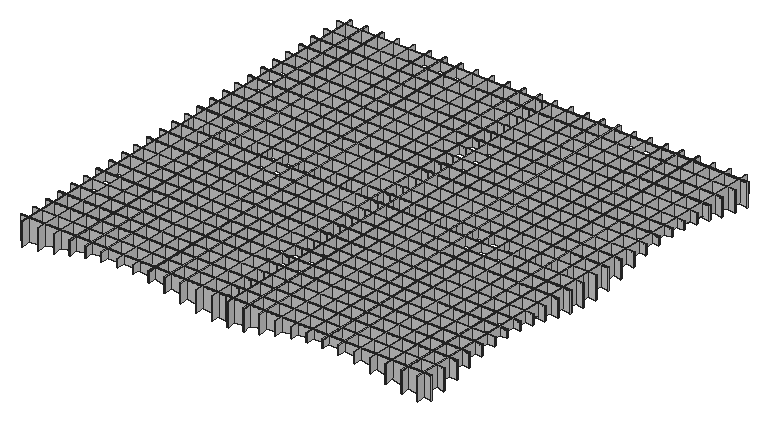
Revit family "CLD-WFL-002_RFA", category Modelos genéricos, Revit 2022 (continued)
Forms (in)
  Extrusion 359, solid
    sketch origin (178.38178, 108, 0) x (0, -1, 0) y (0, 0, 1)
      loop
        spline (95.78122, 6.32579) -> (96.46987, 6.37175) -> (97.15943, 6.41238) -> (97.84985, 6.44778) -> (98.54104, 6.47801) -> (99.23294, 6.50316) -> (99.92548, 6.5233) -> (100.61859, 6.53851) -> (101.3122, 6.54886) -> (102.00624, 6.55445) -> (102.70063, 6.55534) -> (103.39532, 6.55161) -> (104.09022, 6.54334)
        spline (104.09022, 6.54334) -> (104.41609, 6.5372) -> (104.74197, 6.53005) -> (105.06787, 6.52189) -> (105.39376, 6.51274) -> (105.71965, 6.50259) -> (106.04553, 6.49146) -> (106.37138, 6.47935) -> (106.6972, 6.46628) -> (107.02298, 6.45226) -> (107.34871, 6.43729) -> (107.67439, 6.42139) -> (108, 6.40455)
        line (108, 6.40455) -> (108, 11.82144)
    from -0.47244 to 0
  Extrusion 360, solid
    sketch origin (178.85422, 108, 0) x (0, -1, 0) y (0, 0, 1)
      loop
        line (108, 11.82144) -> (0, 11.82144) -> (0, 6.40455)
        spline (0, 6.40455) -> (0.32561, 6.42139) -> (0.65129, 6.43729) -> (0.97702, 6.45226) -> (1.3028, 6.46628) -> (1.62862, 6.47935) -> (1.95447, 6.49146) -> (2.28035, 6.50259) -> (2.60624, 6.51274) -> (2.93213, 6.52189) -> (3.25803, 6.53005) -> (3.58391, 6.5372) -> (3.90978, 6.54334)
        spline (3.90978, 6.54334) -> (4.64427, 6.55011) -> (5.37852, 6.55208) -> (6.11244, 6.54917) -> (6.84598, 6.5413) -> (7.57905, 6.52839) -> (8.31157, 6.51035) -> (9.04349, 6.4871) -> (9.77471, 6.45856) -> (10.50517, 6.42465) -> (11.23479, 6.38528) -> (11.9635, 6.34038) -> (12.69122, 6.28985)
        spline (12.69122, 6.28985) -> (13.34952, 6.23514) -> (14.00673, 6.17505) -> (14.66285, 6.10968) -> (15.31792, 6.03926) -> (15.97202, 5.96405) -> (16.62518, 5.88427) -> (17.27747, 5.80017) -> (17.92894, 5.712) -> (18.57965, 5.62) -> (19.22966, 5.52441) -> (19.87902, 5.42547) -> (20.52778, 5.32343)
        spline (20.52778, 5.32343) -> (21.26115, 5.20293) -> (21.99402, 5.07965) -> (22.72645, 4.95385) -> (23.4585, 4.82583) -> (24.19025, 4.69586) -> (24.92176, 4.56423) -> (25.65308, 4.43121) -> (26.38429, 4.29709) -> (27.11544, 4.16214) -> (27.84661, 4.02665) -> (28.57785, 3.8909) -> (29.30922, 3.75516)
        spline (29.30922, 3.75516) -> (29.95995, 3.63466) -> (30.61094, 3.51485) -> (31.26223, 3.39599) -> (31.91387, 3.2783) -> (32.56591, 3.16206) -> (33.21841, 3.04749) -> (33.87141, 2.93486) -> (34.52497, 2.8244) -> (35.17914, 2.71637) -> (35.83396, 2.61101) -> (36.48949, 2.50857) -> (37.14578, 2.4093)
        spline (37.14578, 2.4093) -> (37.87194, 2.30632) -> (38.59907, 2.20751) -> (39.32723, 2.11315) -> (40.05647, 2.02349) -> (40.78684, 1.93878) -> (41.51831, 1.85902) -> (42.25083, 1.78415) -> (42.98434, 1.71406) -> (43.71879, 1.64869) -> (44.45413, 1.58794) -> (45.19029, 1.53174) -> (45.92722, 1.47999)
        spline (45.92722, 1.47999) -> (46.57816, 1.44092) -> (47.22964, 1.40553) -> (47.88162, 1.37376) -> (48.53404, 1.34552) -> (49.18687, 1.32076) -> (49.84004, 1.2994) -> (50.49352, 1.28136) -> (51.14725, 1.26658) -> (51.80119, 1.25497) -> (52.45529, 1.24648) -> (53.1095, 1.24101) -> (53.76378, 1.23852)
        spline (53.76378, 1.23852) -> (54.49695, 1.24145) -> (55.23005, 1.2477) -> (55.96302, 1.25736) -> (56.69581, 1.2705) -> (57.42836, 1.2872) -> (58.16063, 1.30755) -> (58.89256, 1.33163) -> (59.62409, 1.35951) -> (60.35518, 1.39128) -> (61.08577, 1.42702) -> (61.8158, 1.46681) -> (62.54522, 1.51073)
        spline (62.54522, 1.51073) -> (63.20286, 1.5569) -> (63.85981, 1.60706) -> (64.51602, 1.66127) -> (65.17144, 1.7196) -> (65.82603, 1.78214) -> (66.47973, 1.84896) -> (67.1325, 1.92013) -> (67.78428, 1.99572) -> (68.43505, 2.07573) -> (69.08486, 2.15994) -> (69.73376, 2.24811) -> (70.38178, 2.34001)
        spline (70.38178, 2.34001) -> (71.11719, 2.45082) -> (71.85175, 2.56518) -> (72.58552, 2.6828) -> (73.31856, 2.80343) -> (74.05092, 2.92677) -> (74.78266, 3.05256) -> (75.51384, 3.1805) -> (76.2445, 3.31033) -> (76.97472, 3.44177) -> (77.70454, 3.57454) -> (78.43402, 3.70836) -> (79.16322, 3.84296)
        spline (79.16322, 3.84296) -> (79.81589, 3.96449) -> (80.46845, 4.08604) -> (81.12094, 4.20735) -> (81.77342, 4.32817) -> (82.42595, 4.44826) -> (83.07858, 4.56736) -> (83.73137, 4.68523) -> (84.38439, 4.80161) -> (85.03768, 4.91625) -> (85.6913, 5.02891) -> (86.34531, 5.13933) -> (86.99978, 5.24726)
        spline (86.99978, 5.24726) -> (87.72678, 5.36123) -> (88.45444, 5.47173) -> (89.18283, 5.57848) -> (89.91201, 5.68121) -> (90.64203, 5.77964) -> (91.37298, 5.87351) -> (92.10489, 5.96254) -> (92.83785, 6.04646) -> (93.5719, 6.125) -> (94.30712, 6.19789) -> (95.04356, 6.26486) -> (95.78122, 6.32579)
        spline (95.78122, 6.32579) -> (96.46987, 6.37175) -> (97.15943, 6.41238) -> (97.84985, 6.44778) -> (98.54104, 6.47801) -> (99.23294, 6.50316) -> (99.92548, 6.5233) -> (100.61859, 6.53851) -> (101.3122, 6.54886) -> (102.00624, 6.55445) -> (102.70063, 6.55534) -> (103.39532, 6.55161) -> (104.09022, 6.54334)
        spline (104.09022, 6.54334) -> (104.41609, 6.5372) -> (104.74197, 6.53005) -> (105.06787, 6.52189) -> (105.39376, 6.51274) -> (105.71965, 6.50259) -> (106.04553, 6.49146) -> (106.37138, 6.47935) -> (106.6972, 6.46628) -> (107.02298, 6.45226) -> (107.34871, 6.43729) -> (107.67439, 6.42139) -> (108, 6.40455)
        line (108, 6.40455) -> (108, 11.82144)
    from -0.11811 to 0
  Extrusion 361, solid
    sketch origin (186.57267, 108, 0) x (0, -1, 0) y (0, 0, 1)
      loop
        line (108, 11.82144) -> (0, 11.82144) -> (0, 4.58891)
        spline (0, 4.58891) -> (0.32561, 4.62796) -> (0.65129, 4.66617) -> (0.97702, 4.70353) -> (1.3028, 4.74004) -> (1.62862, 4.77569) -> (1.95447, 4.81048) -> (2.28035, 4.84439) -> (2.60624, 4.87743) -> (2.93213, 4.90957) -> (3.25803, 4.94083) -> (3.58391, 4.97119) -> (3.90978, 5.00064)
        spline (3.90978, 5.00064) -> (4.64427, 5.06081) -> (5.37851, 5.11675) -> (6.11244, 5.16838) -> (6.84597, 5.21566) -> (7.57904, 5.25851) -> (8.31157, 5.29688) -> (9.04348, 5.33072) -> (9.7747, 5.35995) -> (10.50516, 5.38452) -> (11.23478, 5.40437) -> (11.96349, 5.41944) -> (12.69122, 5.42966)
        spline (12.69122, 5.42966) -> (13.34952, 5.43128) -> (14.00673, 5.42829) -> (14.66285, 5.42076) -> (15.31792, 5.40886) -> (15.97202, 5.39278) -> (16.62518, 5.37269) -> (17.27747, 5.34877) -> (17.92894, 5.32119) -> (18.57965, 5.29014) -> (19.22966, 5.2558) -> (19.87902, 5.21833) -> (20.52778, 5.17793)
        spline (20.52778, 5.17793) -> (21.26115, 5.12722) -> (21.99402, 5.0737) -> (22.72645, 5.01759) -> (23.45851, 4.95908) -> (24.19025, 4.89838) -> (24.92176, 4.8357) -> (25.65308, 4.77124) -> (26.38429, 4.70521) -> (27.11544, 4.63782) -> (27.84661, 4.56926) -> (28.57785, 4.49975) -> (29.30922, 4.42949)
        spline (29.30922, 4.42949) -> (29.95995, 4.366) -> (30.61094, 4.30234) -> (31.26223, 4.2387) -> (31.91387, 4.17525) -> (32.56591, 4.11218) -> (33.21841, 4.04966) -> (33.87141, 3.98789) -> (34.52497, 3.92703) -> (35.17914, 3.86728) -> (35.83396, 3.80881) -> (36.48949, 3.75181) -> (37.14578, 3.69645)
        spline (37.14578, 3.69645) -> (37.87194, 3.63892) -> (38.59907, 3.58371) -> (39.32723, 3.53102) -> (40.05647, 3.48105) -> (40.78684, 3.43397) -> (41.51831, 3.38979) -> (42.25083, 3.34845) -> (42.98434, 3.30989) -> (43.7188, 3.27405) -> (44.45413, 3.24086) -> (45.19029, 3.21027) -> (45.92722, 3.18221)
        spline (45.92722, 3.18221) -> (46.57816, 3.16116) -> (47.22964, 3.14217) -> (47.88162, 3.12519) -> (48.53404, 3.11017) -> (49.18687, 3.09705) -> (49.84004, 3.08579) -> (50.49352, 3.07632) -> (51.14725, 3.06859) -> (51.80119, 3.06255) -> (52.45529, 3.05816) -> (53.1095, 3.05535) -> (53.76378, 3.05407)
        spline (53.76378, 3.05407) -> (54.49695, 3.0556) -> (55.23004, 3.05885) -> (55.96301, 3.06387) -> (56.6958, 3.07073) -> (57.42836, 3.07948) -> (58.16062, 3.09019) -> (58.89255, 3.10292) -> (59.62409, 3.11771) -> (60.35517, 3.13464) -> (61.08576, 3.15376) -> (61.81579, 3.17514) -> (62.54522, 3.19882)
        spline (62.54522, 3.19882) -> (63.20286, 3.22386) -> (63.85981, 3.25117) -> (64.51602, 3.28078) -> (65.17144, 3.31277) -> (65.82603, 3.34719) -> (66.47973, 3.38408) -> (67.1325, 3.42351) -> (67.78428, 3.46553) -> (68.43505, 3.51013) -> (69.08486, 3.55715) -> (69.73376, 3.60642) -> (70.38178, 3.65777)
        spline (70.38178, 3.65777) -> (71.1172, 3.71948) -> (71.85176, 3.78304) -> (72.58554, 3.84824) -> (73.31858, 3.91488) -> (74.05094, 3.98275) -> (74.78268, 4.05166) -> (75.51385, 4.12139) -> (76.24452, 4.19176) -> (76.97473, 4.26254) -> (77.70455, 4.33354) -> (78.43403, 4.40456) -> (79.16322, 4.47539)
        spline (79.16322, 4.47539) -> (79.80403, 4.53723) -> (80.44473, 4.59841) -> (81.08536, 4.65876) -> (81.72599, 4.7181) -> (82.36666, 4.77623) -> (83.00743, 4.83299) -> (83.64836, 4.88819) -> (84.28951, 4.94166) -> (84.93093, 4.9932) -> (85.57267, 5.04265) -> (86.21481, 5.08982) -> (86.85738, 5.13453)
        spline (86.85738, 5.13453) -> (87.59614, 5.18092) -> (88.33559, 5.22395) -> (89.07577, 5.26344) -> (89.81676, 5.29917) -> (90.55862, 5.33094) -> (91.30141, 5.35856) -> (92.04519, 5.38181) -> (92.79004, 5.4005) -> (93.53601, 5.41442) -> (94.28316, 5.42338) -> (95.03157, 5.42716) -> (95.78122, 5.4257)
        spline (95.78122, 5.4257) -> (96.43065, 5.41648) -> (97.08095, 5.40294) -> (97.73207, 5.38513) -> (98.38393, 5.36311) -> (99.03648, 5.33693) -> (99.68963, 5.30665) -> (100.34334, 5.27231) -> (100.99753, 5.23398) -> (101.65213, 5.19169) -> (102.30709, 5.14552) -> (102.96233, 5.09551) -> (103.61778, 5.04172)
        spline (103.61778, 5.04172) -> (103.98301, 5.00943) -> (104.34827, 4.97613) -> (104.71354, 4.94182) -> (105.07881, 4.90651) -> (105.44407, 4.8702) -> (105.80932, 4.83291) -> (106.17455, 4.79465) -> (106.53974, 4.75541) -> (106.90489, 4.71521) -> (107.26999, 4.67406) -> (107.63503, 4.63196) -> (108, 4.58891)
        line (108, 4.58891) -> (108, 11.82144)
    from -0.11811 to 0
  Extrusion 362, solid
    sketch origin (186.69078, 108, 0) x (0, -1, 0) y (0, 0, 1)
      loop
        line (108, 11.82144) -> (0, 11.82144) -> (0, 4.58891)
        spline (0, 4.58891) -> (0.32561, 4.62796) -> (0.65129, 4.66617) -> (0.97702, 4.70353) -> (1.3028, 4.74004) -> (1.62862, 4.77569) -> (1.95447, 4.81048) -> (2.28035, 4.84439) -> (2.60624, 4.87743) -> (2.93213, 4.90957) -> (3.25803, 4.94083) -> (3.58391, 4.97119) -> (3.90978, 5.00064)
        spline (3.90978, 5.00064) -> (4.64427, 5.06081) -> (5.37851, 5.11675) -> (6.11244, 5.16838) -> (6.84597, 5.21566) -> (7.57904, 5.25851) -> (8.31157, 5.29688) -> (9.04348, 5.33072) -> (9.7747, 5.35995) -> (10.50516, 5.38452) -> (11.23478, 5.40437) -> (11.96349, 5.41944) -> (12.69122, 5.42966)
        spline (12.69122, 5.42966) -> (13.34952, 5.43128) -> (14.00673, 5.42829) -> (14.66285, 5.42076) -> (15.31792, 5.40886) -> (15.97202, 5.39278) -> (16.62518, 5.37269) -> (17.27747, 5.34877) -> (17.92894, 5.32119) -> (18.57965, 5.29014) -> (19.22966, 5.2558) -> (19.87902, 5.21833) -> (20.52778, 5.17793)
        spline (20.52778, 5.17793) -> (21.26115, 5.12722) -> (21.99402, 5.0737) -> (22.72645, 5.01759) -> (23.45851, 4.95908) -> (24.19025, 4.89838) -> (24.92176, 4.8357) -> (25.65308, 4.77124) -> (26.38429, 4.70521) -> (27.11544, 4.63782) -> (27.84661, 4.56926) -> (28.57785, 4.49975) -> (29.30922, 4.42949)
        spline (29.30922, 4.42949) -> (29.95995, 4.366) -> (30.61094, 4.30234) -> (31.26223, 4.2387) -> (31.91387, 4.17525) -> (32.56591, 4.11218) -> (33.21841, 4.04966) -> (33.87141, 3.98789) -> (34.52497, 3.92703) -> (35.17914, 3.86728) -> (35.83396, 3.80881) -> (36.48949, 3.75181) -> (37.14578, 3.69645)
        spline (37.14578, 3.69645) -> (37.87194, 3.63892) -> (38.59907, 3.58371) -> (39.32723, 3.53102) -> (40.05647, 3.48105) -> (40.78684, 3.43397) -> (41.51831, 3.38979) -> (42.25083, 3.34845) -> (42.98434, 3.30989) -> (43.7188, 3.27405) -> (44.45413, 3.24086) -> (45.19029, 3.21027) -> (45.92722, 3.18221)
        spline (45.92722, 3.18221) -> (46.57816, 3.16116) -> (47.22964, 3.14217) -> (47.88162, 3.12519) -> (48.53404, 3.11017) -> (49.18687, 3.09705) -> (49.84004, 3.08579) -> (50.49352, 3.07632) -> (51.14725, 3.06859) -> (51.80119, 3.06255) -> (52.45529, 3.05816) -> (53.1095, 3.05535) -> (53.76378, 3.05407)
        spline (53.76378, 3.05407) -> (54.49695, 3.0556) -> (55.23004, 3.05885) -> (55.96301, 3.06387) -> (56.6958, 3.07073) -> (57.42836, 3.07948) -> (58.16062, 3.09019) -> (58.89255, 3.10292) -> (59.62409, 3.11771) -> (60.35517, 3.13464) -> (61.08576, 3.15376) -> (61.81579, 3.17514) -> (62.54522, 3.19882)
        spline (62.54522, 3.19882) -> (63.20286, 3.22386) -> (63.85981, 3.25117) -> (64.51602, 3.28078) -> (65.17144, 3.31277) -> (65.82603, 3.34719) -> (66.47973, 3.38408) -> (67.1325, 3.42351) -> (67.78428, 3.46553) -> (68.43505, 3.51013) -> (69.08486, 3.55715) -> (69.73376, 3.60642) -> (70.38178, 3.65777)
        spline (70.38178, 3.65777) -> (71.1172, 3.71948) -> (71.85176, 3.78304) -> (72.58554, 3.84824) -> (73.31858, 3.91488) -> (74.05094, 3.98275) -> (74.78268, 4.05166) -> (75.51385, 4.12139) -> (76.24452, 4.19176) -> (76.97473, 4.26254) -> (77.70455, 4.33354) -> (78.43403, 4.40456) -> (79.16322, 4.47539)
        spline (79.16322, 4.47539) -> (79.80403, 4.53723) -> (80.44473, 4.59841) -> (81.08536, 4.65876) -> (81.72599, 4.7181) -> (82.36666, 4.77623) -> (83.00743, 4.83299) -> (83.64836, 4.88819) -> (84.28951, 4.94166) -> (84.93093, 4.9932) -> (85.57267, 5.04265) -> (86.21481, 5.08982) -> (86.85738, 5.13453)
        spline (86.85738, 5.13453) -> (87.59614, 5.18092) -> (88.33559, 5.22395) -> (89.07577, 5.26344) -> (89.81676, 5.29917) -> (90.55862, 5.33094) -> (91.30141, 5.35856) -> (92.04519, 5.38181) -> (92.79004, 5.4005) -> (93.53601, 5.41442) -> (94.28316, 5.42338) -> (95.03157, 5.42716) -> (95.78122, 5.4257)
        spline (95.78122, 5.4257) -> (96.43065, 5.41648) -> (97.08095, 5.40294) -> (97.73207, 5.38513) -> (98.38393, 5.36311) -> (99.03648, 5.33693) -> (99.68963, 5.30665) -> (100.34334, 5.27231) -> (100.99753, 5.23398) -> (101.65213, 5.19169) -> (102.30709, 5.14552) -> (102.96233, 5.09551) -> (103.61778, 5.04172)
        spline (103.61778, 5.04172) -> (103.98301, 5.00943) -> (104.34827, 4.97613) -> (104.71354, 4.94182) -> (105.07881, 4.90651) -> (105.44407, 4.8702) -> (105.80932, 4.83291) -> (106.17455, 4.79465) -> (106.53974, 4.75541) -> (106.90489, 4.71521) -> (107.26999, 4.67406) -> (107.63503, 4.63196) -> (108, 4.58891)
        line (108, 4.58891) -> (108, 11.82144)
    from -0.47244 to 0
  Extrusion 363, solid
    sketch origin (187.16322, 108, 0) x (0, -1, 0) y (0, 0, 1)
      loop
        line (108, 11.82144) -> (0, 11.82144) -> (0, 4.58891)
        spline (0, 4.58891) -> (0.32561, 4.62796) -> (0.65129, 4.66617) -> (0.97702, 4.70353) -> (1.3028, 4.74004) -> (1.62862, 4.77569) -> (1.95447, 4.81048) -> (2.28035, 4.84439) -> (2.60624, 4.87743) -> (2.93213, 4.90957) -> (3.25803, 4.94083) -> (3.58391, 4.97119) -> (3.90978, 5.00064)
        spline (3.90978, 5.00064) -> (4.64427, 5.06081) -> (5.37851, 5.11675) -> (6.11244, 5.16838) -> (6.84597, 5.21566) -> (7.57904, 5.25851) -> (8.31157, 5.29688) -> (9.04348, 5.33072) -> (9.7747, 5.35995) -> (10.50516, 5.38452) -> (11.23478, 5.40437) -> (11.96349, 5.41944) -> (12.69122, 5.42966)
        spline (12.69122, 5.42966) -> (13.34952, 5.43128) -> (14.00673, 5.42829) -> (14.66285, 5.42076) -> (15.31792, 5.40886) -> (15.97202, 5.39278) -> (16.62518, 5.37269) -> (17.27747, 5.34877) -> (17.92894, 5.32119) -> (18.57965, 5.29014) -> (19.22966, 5.2558) -> (19.87902, 5.21833) -> (20.52778, 5.17793)
        spline (20.52778, 5.17793) -> (21.26115, 5.12722) -> (21.99402, 5.0737) -> (22.72645, 5.01759) -> (23.45851, 4.95908) -> (24.19025, 4.89838) -> (24.92176, 4.8357) -> (25.65308, 4.77124) -> (26.38429, 4.70521) -> (27.11544, 4.63782) -> (27.84661, 4.56926) -> (28.57785, 4.49975) -> (29.30922, 4.42949)
        spline (29.30922, 4.42949) -> (29.95995, 4.366) -> (30.61094, 4.30234) -> (31.26223, 4.2387) -> (31.91387, 4.17525) -> (32.56591, 4.11218) -> (33.21841, 4.04966) -> (33.87141, 3.98789) -> (34.52497, 3.92703) -> (35.17914, 3.86728) -> (35.83396, 3.80881) -> (36.48949, 3.75181) -> (37.14578, 3.69645)
        spline (37.14578, 3.69645) -> (37.87194, 3.63892) -> (38.59907, 3.58371) -> (39.32723, 3.53102) -> (40.05647, 3.48105) -> (40.78684, 3.43397) -> (41.51831, 3.38979) -> (42.25083, 3.34845) -> (42.98434, 3.30989) -> (43.7188, 3.27405) -> (44.45413, 3.24086) -> (45.19029, 3.21027) -> (45.92722, 3.18221)
        spline (45.92722, 3.18221) -> (46.57816, 3.16116) -> (47.22964, 3.14217) -> (47.88162, 3.12519) -> (48.53404, 3.11017) -> (49.18687, 3.09705) -> (49.84004, 3.08579) -> (50.49352, 3.07632) -> (51.14725, 3.06859) -> (51.80119, 3.06255) -> (52.45529, 3.05816) -> (53.1095, 3.05535) -> (53.76378, 3.05407)
        spline (53.76378, 3.05407) -> (54.49695, 3.0556) -> (55.23004, 3.05885) -> (55.96301, 3.06387) -> (56.6958, 3.07073) -> (57.42836, 3.07948) -> (58.16062, 3.09019) -> (58.89255, 3.10292) -> (59.62409, 3.11771) -> (60.35517, 3.13464) -> (61.08576, 3.15376) -> (61.81579, 3.17514) -> (62.54522, 3.19882)
        spline (62.54522, 3.19882) -> (63.20286, 3.22386) -> (63.85981, 3.25117) -> (64.51602, 3.28078) -> (65.17144, 3.31277) -> (65.82603, 3.34719) -> (66.47973, 3.38408) -> (67.1325, 3.42351) -> (67.78428, 3.46553) -> (68.43505, 3.51013) -> (69.08486, 3.55715) -> (69.73376, 3.60642) -> (70.38178, 3.65777)
        spline (70.38178, 3.65777) -> (71.1172, 3.71948) -> (71.85176, 3.78304) -> (72.58554, 3.84824) -> (73.31858, 3.91488) -> (74.05094, 3.98275) -> (74.78268, 4.05166) -> (75.51385, 4.12139) -> (76.24452, 4.19176) -> (76.97473, 4.26254) -> (77.70455, 4.33354) -> (78.43403, 4.40456) -> (79.16322, 4.47539)
        spline (79.16322, 4.47539) -> (79.80403, 4.53723) -> (80.44473, 4.59841) -> (81.08536, 4.65876) -> (81.72599, 4.7181) -> (82.36666, 4.77623) -> (83.00743, 4.83299) -> (83.64836, 4.88819) -> (84.28951, 4.94166) -> (84.93093, 4.9932) -> (85.57267, 5.04265) -> (86.21481, 5.08982) -> (86.85738, 5.13453)
        spline (86.85738, 5.13453) -> (87.59614, 5.18092) -> (88.33559, 5.22395) -> (89.07577, 5.26344) -> (89.81676, 5.29917) -> (90.55862, 5.33094) -> (91.30141, 5.35856) -> (92.04519, 5.38181) -> (92.79004, 5.4005) -> (93.53601, 5.41442) -> (94.28316, 5.42338) -> (95.03157, 5.42716) -> (95.78122, 5.4257)
        spline (95.78122, 5.4257) -> (96.43065, 5.41648) -> (97.08095, 5.40294) -> (97.73207, 5.38513) -> (98.38393, 5.36311) -> (99.03648, 5.33693) -> (99.68963, 5.30665) -> (100.34334, 5.27231) -> (100.99753, 5.23398) -> (101.65213, 5.19169) -> (102.30709, 5.14552) -> (102.96233, 5.09551) -> (103.61778, 5.04172)
        spline (103.61778, 5.04172) -> (103.98301, 5.00943) -> (104.34827, 4.97613) -> (104.71354, 4.94182) -> (105.07881, 4.90651) -> (105.44407, 4.8702) -> (105.80932, 4.83291) -> (106.17455, 4.79465) -> (106.53974, 4.75541) -> (106.90489, 4.71521) -> (107.26999, 4.67406) -> (107.63503, 4.63196) -> (108, 4.58891)
        line (108, 4.58891) -> (108, 11.82144)
    from -0.11811 to 0
  Extrusion 364, solid
    sketch origin (194.88167, 108, 0) x (0, -1, 0) y (0, 0, 1)
      loop
        line (108, 11.82144) -> (0, 11.82144) -> (0, 2.55729)
        spline (0, 2.55729) -> (0.32561, 2.61504) -> (0.65129, 2.67215) -> (0.97702, 2.72862) -> (1.3028, 2.78445) -> (1.62862, 2.83963) -> (1.95447, 2.89415) -> (2.28035, 2.94802) -> (2.60624, 3.00123) -> (2.93213, 3.05379) -> (3.25803, 3.10567) -> (3.58391, 3.15689) -> (3.90978, 3.20744)
        spline (3.90978, 3.20744) -> (4.64427, 3.31686) -> (5.37851, 3.42317) -> (6.11243, 3.52634) -> (6.84596, 3.62635) -> (7.57903, 3.72316) -> (8.31156, 3.81675) -> (9.04347, 3.90709) -> (9.77469, 3.99415) -> (10.50515, 4.07789) -> (11.23478, 4.1583) -> (11.96349, 4.23534) -> (12.69122, 4.30898)
        spline (12.69122, 4.30898) -> (13.34952, 4.37039) -> (14.00673, 4.4286) -> (14.66285, 4.48364) -> (15.31792, 4.53559) -> (15.97202, 4.58455) -> (16.62518, 4.63059) -> (17.27747, 4.67381) -> (17.92894, 4.71429) -> (18.57965, 4.75212) -> (19.22966, 4.78738) -> (19.87902, 4.82016) -> (20.52778, 4.85054)
        spline (20.52778, 4.85054) -> (21.26115, 4.88062) -> (21.99402, 4.90823) -> (22.72646, 4.93347) -> (23.45851, 4.95644) -> (24.19026, 4.97724) -> (24.92176, 4.99598) -> (25.65309, 5.01275) -> (26.38429, 5.02764) -> (27.11545, 5.04077) -> (27.84661, 5.05223) -> (28.57785, 5.06211) -> (29.30922, 5.07053)
        spline (29.30922, 5.07053) -> (29.95995, 5.07584) -> (30.61094, 5.08009) -> (31.26223, 5.08336) -> (31.91387, 5.08574) -> (32.56591, 5.08733) -> (33.21841, 5.0882) -> (33.87141, 5.08846) -> (34.52497, 5.08817) -> (35.17914, 5.08744) -> (35.83396, 5.08636) -> (36.48949, 5.085) -> (37.14578, 5.08346)
        spline (37.14578, 5.08346) -> (37.87194, 5.08165) -> (38.59907, 5.0799) -> (39.32723, 5.0783) -> (40.05647, 5.07696) -> (40.78684, 5.07594) -> (41.51831, 5.07527) -> (42.25083, 5.07491) -> (42.98434, 5.07483) -> (43.7188, 5.075) -> (44.45413, 5.07538) -> (45.19029, 5.07596) -> (45.92722, 5.0767)
        spline (45.92722, 5.0767) -> (46.57816, 5.07753) -> (47.22964, 5.07843) -> (47.88162, 5.07937) -> (48.53404, 5.08033) -> (49.18687, 5.08128) -> (49.84004, 5.0822) -> (50.49352, 5.08306) -> (51.14725, 5.08383) -> (51.80119, 5.0845) -> (52.45529, 5.08503) -> (53.1095, 5.0854) -> (53.76378, 5.08558)
        spline (53.76378, 5.08558) -> (54.49695, 5.08542) -> (55.23004, 5.08505) -> (55.96301, 5.0845) -> (56.6958, 5.0838) -> (57.42835, 5.08298) -> (58.16062, 5.08206) -> (58.89255, 5.08107) -> (59.62408, 5.08005) -> (60.35517, 5.07902) -> (61.08576, 5.07801) -> (61.81579, 5.07705) -> (62.54522, 5.07616)
        spline (62.54522, 5.07616) -> (63.20286, 5.07551) -> (63.85981, 5.075) -> (64.51602, 5.07466) -> (65.17144, 5.07452) -> (65.82603, 5.0746) -> (66.47973, 5.07493) -> (67.1325, 5.07554) -> (67.78428, 5.07645) -> (68.43505, 5.07766) -> (69.08486, 5.07909) -> (69.73376, 5.08066) -> (70.38178, 5.08229)
        spline (70.38178, 5.08229) -> (71.1172, 5.08386) -> (71.85177, 5.08523) -> (72.58555, 5.08629) -> (73.31859, 5.08695) -> (74.05095, 5.08712) -> (74.78269, 5.08668) -> (75.51386, 5.08555) -> (76.24453, 5.08362) -> (76.97474, 5.08079) -> (77.70455, 5.07697) -> (78.43403, 5.07206) -> (79.16322, 5.06596)
        spline (79.16322, 5.06596) -> (79.81589, 5.05858) -> (80.46845, 5.04989) -> (81.12094, 5.0398) -> (81.77342, 5.02821) -> (82.42595, 5.01505) -> (83.07858, 5.00022) -> (83.73137, 4.98363) -> (84.38439, 4.9652) -> (85.03768, 4.94483) -> (85.6913, 4.92244) -> (86.34531, 4.89793) -> (86.99978, 4.87123)
        spline (86.99978, 4.87123) -> (87.72677, 4.83707) -> (88.45442, 4.80022) -> (89.18281, 4.7606) -> (89.91198, 4.7181) -> (90.642, 4.67263) -> (91.37294, 4.62408) -> (92.10486, 4.57237) -> (92.83781, 4.5174) -> (93.57187, 4.45907) -> (94.3071, 4.39728) -> (95.04355, 4.33194) -> (95.78122, 4.26301)
        spline (95.78122, 4.26301) -> (96.43065, 4.19725) -> (97.08095, 4.12847) -> (97.73207, 4.05667) -> (98.38393, 3.9819) -> (99.03648, 3.90417) -> (99.68963, 3.82352) -> (100.34334, 3.73996) -> (100.99753, 3.65352) -> (101.65213, 3.56424) -> (102.30709, 3.47213) -> (102.96233, 3.37722) -> (103.61778, 3.27954)
        spline (103.61778, 3.27954) -> (103.98302, 3.22342) -> (104.34828, 3.16655) -> (104.71355, 3.10893) -> (105.07882, 3.05057) -> (105.44409, 2.99146) -> (105.80934, 2.93162) -> (106.17456, 2.87105) -> (106.53976, 2.80974) -> (106.9049, 2.74771) -> (107.27, 2.68496) -> (107.63504, 2.62148) -> (108, 2.55729)
        line (108, 2.55729) -> (108, 11.82144)
    from -0.11811 to 0
  Extrusion 365, solid
    sketch origin (194.99978, 108, 0) x (0, -1, 0) y (0, 0, 1)
      loop
        line (108, 11.82144) -> (0, 11.82144) -> (0, 2.55729)
        spline (0, 2.55729) -> (0.32561, 2.61504) -> (0.65129, 2.67215) -> (0.97702, 2.72862) -> (1.3028, 2.78445) -> (1.62862, 2.83963) -> (1.95447, 2.89415) -> (2.28035, 2.94802) -> (2.60624, 3.00123) -> (2.93213, 3.05379) -> (3.25803, 3.10567) -> (3.58391, 3.15689) -> (3.90978, 3.20744)
        spline (3.90978, 3.20744) -> (4.64427, 3.31686) -> (5.37851, 3.42317) -> (6.11243, 3.52634) -> (6.84596, 3.62635) -> (7.57903, 3.72316) -> (8.31156, 3.81675) -> (9.04347, 3.90709) -> (9.77469, 3.99415) -> (10.50515, 4.07789) -> (11.23478, 4.1583) -> (11.96349, 4.23534) -> (12.69122, 4.30898)
        spline (12.69122, 4.30898) -> (13.34952, 4.37039) -> (14.00673, 4.4286) -> (14.66285, 4.48364) -> (15.31792, 4.53559) -> (15.97202, 4.58455) -> (16.62518, 4.63059) -> (17.27747, 4.67381) -> (17.92894, 4.71429) -> (18.57965, 4.75212) -> (19.22966, 4.78738) -> (19.87902, 4.82016) -> (20.52778, 4.85054)
        spline (20.52778, 4.85054) -> (21.26115, 4.88062) -> (21.99402, 4.90823) -> (22.72646, 4.93347) -> (23.45851, 4.95644) -> (24.19026, 4.97724) -> (24.92176, 4.99598) -> (25.65309, 5.01275) -> (26.38429, 5.02764) -> (27.11545, 5.04077) -> (27.84661, 5.05223) -> (28.57785, 5.06211) -> (29.30922, 5.07053)
        spline (29.30922, 5.07053) -> (29.95995, 5.07584) -> (30.61094, 5.08009) -> (31.26223, 5.08336) -> (31.91387, 5.08574) -> (32.56591, 5.08733) -> (33.21841, 5.0882) -> (33.87141, 5.08846) -> (34.52497, 5.08817) -> (35.17914, 5.08744) -> (35.83396, 5.08636) -> (36.48949, 5.085) -> (37.14578, 5.08346)
        spline (37.14578, 5.08346) -> (37.87194, 5.08165) -> (38.59907, 5.0799) -> (39.32723, 5.0783) -> (40.05647, 5.07696) -> (40.78684, 5.07594) -> (41.51831, 5.07527) -> (42.25083, 5.07491) -> (42.98434, 5.07483) -> (43.7188, 5.075) -> (44.45413, 5.07538) -> (45.19029, 5.07596) -> (45.92722, 5.0767)
        spline (45.92722, 5.0767) -> (46.57816, 5.07753) -> (47.22964, 5.07843) -> (47.88162, 5.07937) -> (48.53404, 5.08033) -> (49.18687, 5.08128) -> (49.84004, 5.0822) -> (50.49352, 5.08306) -> (51.14725, 5.08383) -> (51.80119, 5.0845) -> (52.45529, 5.08503) -> (53.1095, 5.0854) -> (53.76378, 5.08558)
        spline (53.76378, 5.08558) -> (54.49695, 5.08542) -> (55.23004, 5.08505) -> (55.96301, 5.0845) -> (56.6958, 5.0838) -> (57.42835, 5.08298) -> (58.16062, 5.08206) -> (58.89255, 5.08107) -> (59.62408, 5.08005) -> (60.35517, 5.07902) -> (61.08576, 5.07801) -> (61.81579, 5.07705) -> (62.54522, 5.07616)
        spline (62.54522, 5.07616) -> (63.20286, 5.07551) -> (63.85981, 5.075) -> (64.51602, 5.07466) -> (65.17144, 5.07452) -> (65.82603, 5.0746) -> (66.47973, 5.07493) -> (67.1325, 5.07554) -> (67.78428, 5.07645) -> (68.43505, 5.07766) -> (69.08486, 5.07909) -> (69.73376, 5.08066) -> (70.38178, 5.08229)
        spline (70.38178, 5.08229) -> (71.1172, 5.08386) -> (71.85177, 5.08523) -> (72.58555, 5.08629) -> (73.31859, 5.08695) -> (74.05095, 5.08712) -> (74.78269, 5.08668) -> (75.51386, 5.08555) -> (76.24453, 5.08362) -> (76.97474, 5.08079) -> (77.70455, 5.07697) -> (78.43403, 5.07206) -> (79.16322, 5.06596)
        spline (79.16322, 5.06596) -> (79.81589, 5.05858) -> (80.46845, 5.04989) -> (81.12094, 5.0398) -> (81.77342, 5.02821) -> (82.42595, 5.01505) -> (83.07858, 5.00022) -> (83.73137, 4.98363) -> (84.38439, 4.9652) -> (85.03768, 4.94483) -> (85.6913, 4.92244) -> (86.34531, 4.89793) -> (86.99978, 4.87123)
        spline (86.99978, 4.87123) -> (87.72677, 4.83707) -> (88.45442, 4.80022) -> (89.18281, 4.7606) -> (89.91198, 4.7181) -> (90.642, 4.67263) -> (91.37294, 4.62408) -> (92.10486, 4.57237) -> (92.83781, 4.5174) -> (93.57187, 4.45907) -> (94.3071, 4.39728) -> (95.04355, 4.33194) -> (95.78122, 4.26301)
        spline (95.78122, 4.26301) -> (96.43065, 4.19725) -> (97.08095, 4.12847) -> (97.73207, 4.05667) -> (98.38393, 3.9819) -> (99.03648, 3.90417) -> (99.68963, 3.82352) -> (100.34334, 3.73996) -> (100.99753, 3.65352) -> (101.65213, 3.56424) -> (102.30709, 3.47213) -> (102.96233, 3.37722) -> (103.61778, 3.27954)
        spline (103.61778, 3.27954) -> (103.98302, 3.22342) -> (104.34828, 3.16655) -> (104.71355, 3.10893) -> (105.07882, 3.05057) -> (105.44409, 2.99146) -> (105.80934, 2.93162) -> (106.17456, 2.87105) -> (106.53976, 2.80974) -> (106.9049, 2.74771) -> (107.27, 2.68496) -> (107.63504, 2.62148) -> (108, 2.55729)
        line (108, 2.55729) -> (108, 11.82144)
    from -0.47244 to 0
  Extrusion 366, solid
    sketch origin (195.47222, 108, 0) x (0, -1, 0) y (0, 0, 1)
      loop
        line (108, 11.82144) -> (0, 11.82144) -> (0, 2.55729)
        spline (0, 2.55729) -> (0.32561, 2.61504) -> (0.65129, 2.67215) -> (0.97702, 2.72862) -> (1.3028, 2.78445) -> (1.62862, 2.83963) -> (1.95447, 2.89415) -> (2.28035, 2.94802) -> (2.60624, 3.00123) -> (2.93213, 3.05379) -> (3.25803, 3.10567) -> (3.58391, 3.15689) -> (3.90978, 3.20744)
        spline (3.90978, 3.20744) -> (4.64427, 3.31686) -> (5.37851, 3.42317) -> (6.11243, 3.52634) -> (6.84596, 3.62635) -> (7.57903, 3.72316) -> (8.31156, 3.81675) -> (9.04347, 3.90709) -> (9.77469, 3.99415) -> (10.50515, 4.07789) -> (11.23478, 4.1583) -> (11.96349, 4.23534) -> (12.69122, 4.30898)
        spline (12.69122, 4.30898) -> (13.34952, 4.37039) -> (14.00673, 4.4286) -> (14.66285, 4.48364) -> (15.31792, 4.53559) -> (15.97202, 4.58455) -> (16.62518, 4.63059) -> (17.27747, 4.67381) -> (17.92894, 4.71429) -> (18.57965, 4.75212) -> (19.22966, 4.78738) -> (19.87902, 4.82016) -> (20.52778, 4.85054)
        spline (20.52778, 4.85054) -> (21.26115, 4.88062) -> (21.99402, 4.90823) -> (22.72646, 4.93347) -> (23.45851, 4.95644) -> (24.19026, 4.97724) -> (24.92176, 4.99598) -> (25.65309, 5.01275) -> (26.38429, 5.02764) -> (27.11545, 5.04077) -> (27.84661, 5.05223) -> (28.57785, 5.06211) -> (29.30922, 5.07053)
        spline (29.30922, 5.07053) -> (29.95995, 5.07584) -> (30.61094, 5.08009) -> (31.26223, 5.08336) -> (31.91387, 5.08574) -> (32.56591, 5.08733) -> (33.21841, 5.0882) -> (33.87141, 5.08846) -> (34.52497, 5.08817) -> (35.17914, 5.08744) -> (35.83396, 5.08636) -> (36.48949, 5.085) -> (37.14578, 5.08346)
        spline (37.14578, 5.08346) -> (37.87194, 5.08165) -> (38.59907, 5.0799) -> (39.32723, 5.0783) -> (40.05647, 5.07696) -> (40.78684, 5.07594) -> (41.51831, 5.07527) -> (42.25083, 5.07491) -> (42.98434, 5.07483) -> (43.7188, 5.075) -> (44.45413, 5.07538) -> (45.19029, 5.07596) -> (45.92722, 5.0767)
        spline (45.92722, 5.0767) -> (46.57816, 5.07753) -> (47.22964, 5.07843) -> (47.88162, 5.07937) -> (48.53404, 5.08033) -> (49.18687, 5.08128) -> (49.84004, 5.0822) -> (50.49352, 5.08306) -> (51.14725, 5.08383) -> (51.80119, 5.0845) -> (52.45529, 5.08503) -> (53.1095, 5.0854) -> (53.76378, 5.08558)
        spline (53.76378, 5.08558) -> (54.49695, 5.08542) -> (55.23004, 5.08505) -> (55.96301, 5.0845) -> (56.6958, 5.0838) -> (57.42835, 5.08298) -> (58.16062, 5.08206) -> (58.89255, 5.08107) -> (59.62408, 5.08005) -> (60.35517, 5.07902) -> (61.08576, 5.07801) -> (61.81579, 5.07705) -> (62.54522, 5.07616)
        spline (62.54522, 5.07616) -> (63.20286, 5.07551) -> (63.85981, 5.075) -> (64.51602, 5.07466) -> (65.17144, 5.07452) -> (65.82603, 5.0746) -> (66.47973, 5.07493) -> (67.1325, 5.07554) -> (67.78428, 5.07645) -> (68.43505, 5.07766) -> (69.08486, 5.07909) -> (69.73376, 5.08066) -> (70.38178, 5.08229)
        spline (70.38178, 5.08229) -> (71.1172, 5.08386) -> (71.85177, 5.08523) -> (72.58555, 5.08629) -> (73.31859, 5.08695) -> (74.05095, 5.08712) -> (74.78269, 5.08668) -> (75.51386, 5.08555) -> (76.24453, 5.08362) -> (76.97474, 5.08079) -> (77.70455, 5.07697) -> (78.43403, 5.07206) -> (79.16322, 5.06596)
        spline (79.16322, 5.06596) -> (79.81589, 5.05858) -> (80.46845, 5.04989) -> (81.12094, 5.0398) -> (81.77342, 5.02821) -> (82.42595, 5.01505) -> (83.07858, 5.00022) -> (83.73137, 4.98363) -> (84.38439, 4.9652) -> (85.03768, 4.94483) -> (85.6913, 4.92244) -> (86.34531, 4.89793) -> (86.99978, 4.87123)
        spline (86.99978, 4.87123) -> (87.72677, 4.83707) -> (88.45442, 4.80022) -> (89.18281, 4.7606) -> (89.91198, 4.7181) -> (90.642, 4.67263) -> (91.37294, 4.62408) -> (92.10486, 4.57237) -> (92.83781, 4.5174) -> (93.57187, 4.45907) -> (94.3071, 4.39728) -> (95.04355, 4.33194) -> (95.78122, 4.26301)
        spline (95.78122, 4.26301) -> (96.43065, 4.19725) -> (97.08095, 4.12847) -> (97.73207, 4.05667) -> (98.38393, 3.9819) -> (99.03648, 3.90417) -> (99.68963, 3.82352) -> (100.34334, 3.73996) -> (100.99753, 3.65352) -> (101.65213, 3.56424) -> (102.30709, 3.47213) -> (102.96233, 3.37722) -> (103.61778, 3.27954)
        spline (103.61778, 3.27954) -> (103.98302, 3.22342) -> (104.34828, 3.16655) -> (104.71355, 3.10893) -> (105.07882, 3.05057) -> (105.44409, 2.99146) -> (105.80934, 2.93162) -> (106.17456, 2.87105) -> (106.53976, 2.80974) -> (106.9049, 2.74771) -> (107.27, 2.68496) -> (107.63504, 2.62148) -> (108, 2.55729)
        line (108, 2.55729) -> (108, 11.82144)
    from -0.11811 to 0
  Extrusion 367, solid
    sketch origin (203.19067, 108, 0) x (0, -1, 0) y (0, 0, 1)
      loop
        line (108, 11.82144) -> (0, 11.82144) -> (0, 0.88375)
        spline (0, 0.88375) -> (0.32561, 0.94348) -> (0.65129, 1.00296) -> (0.97702, 1.06219) -> (1.3028, 1.12116) -> (1.62862, 1.1799) -> (1.95447, 1.23838) -> (2.28035, 1.29662) -> (2.60624, 1.35462) -> (2.93213, 1.41237) -> (3.25803, 1.46988) -> (3.58391, 1.52715) -> (3.90978, 1.58418)
        spline (3.90978, 1.58418) -> (4.64426, 1.71122) -> (5.37851, 1.8372) -> (6.11243, 1.96212) -> (6.84596, 2.086) -> (7.57903, 2.20885) -> (8.31155, 2.33067) -> (9.04347, 2.45149) -> (9.77469, 2.57131) -> (10.50515, 2.69014) -> (11.23478, 2.80798) -> (11.96349, 2.92486) -> (12.69122, 3.04079)
        spline (12.69122, 3.04079) -> (13.34952, 3.14441) -> (14.00673, 3.24717) -> (14.66285, 3.34906) -> (15.31792, 3.45005) -> (15.97202, 3.55011) -> (16.62518, 3.64921) -> (17.27747, 3.74732) -> (17.92894, 3.8444) -> (18.57965, 3.94043) -> (19.22966, 4.03537) -> (19.87902, 4.12919) -> (20.52778, 4.22187)
        spline (20.52778, 4.22187) -> (21.26116, 4.32437) -> (21.99403, 4.42546) -> (22.72646, 4.52511) -> (23.45852, 4.62328) -> (24.19027, 4.71993) -> (24.92177, 4.81503) -> (25.6531, 4.90854) -> (26.3843, 5.00042) -> (27.11545, 5.09065) -> (27.84662, 5.17918) -> (28.57786, 5.26598) -> (29.30922, 5.35101)
        spline (29.30922, 5.35101) -> (29.95995, 5.42391) -> (30.61094, 5.49516) -> (31.26223, 5.56472) -> (31.91387, 5.63257) -> (32.56591, 5.69867) -> (33.21841, 5.763) -> (33.87141, 5.82551) -> (34.52497, 5.88618) -> (35.17914, 5.94498) -> (35.83396, 6.00187) -> (36.48949, 6.05683) -> (37.14578, 6.10982)
        spline (37.14578, 6.10982) -> (37.87194, 6.16453) -> (38.59907, 6.21702) -> (39.32723, 6.26723) -> (40.05647, 6.31514) -> (40.78684, 6.36072) -> (41.51831, 6.40397) -> (42.25083, 6.44489) -> (42.98434, 6.4835) -> (43.71879, 6.51981) -> (44.45413, 6.55383) -> (45.19029, 6.58557) -> (45.92722, 6.61503)
        spline (45.92722, 6.61503) -> (46.57816, 6.6376) -> (47.22964, 6.65822) -> (47.88162, 6.67689) -> (48.53404, 6.69363) -> (49.18687, 6.70845) -> (49.84004, 6.72134) -> (50.49352, 6.73234) -> (51.14725, 6.74143) -> (51.80119, 6.74863) -> (52.45529, 6.75396) -> (53.1095, 6.75742) -> (53.76378, 6.75901)
        spline (53.76378, 6.75901) -> (54.49695, 6.7572) -> (55.23004, 6.75331) -> (55.96301, 6.74732) -> (56.6958, 6.73922) -> (57.42835, 6.72901) -> (58.16062, 6.71667) -> (58.89255, 6.7022) -> (59.62408, 6.68557) -> (60.35517, 6.66679) -> (61.08576, 6.64585) -> (61.81579, 6.62272) -> (62.54522, 6.59741)
        spline (62.54522, 6.59741) -> (63.20286, 6.57112) -> (63.85981, 6.54281) -> (64.51602, 6.51247) -> (65.17144, 6.48008) -> (65.82603, 6.44563) -> (66.47973, 6.40912) -> (67.1325, 6.37054) -> (67.78428, 6.32988) -> (68.43505, 6.28713) -> (69.08486, 6.24233) -> (69.73376, 6.19551) -> (70.38178, 6.14669)
        spline (70.38178, 6.14669) -> (71.1172, 6.08737) -> (71.85177, 6.02584) -> (72.58554, 5.96214) -> (73.31858, 5.89631) -> (74.05094, 5.82838) -> (74.78268, 5.75838) -> (75.51386, 5.68636) -> (76.24452, 5.61234) -> (76.97473, 5.53637) -> (77.70455, 5.45847) -> (78.43403, 5.37869) -> (79.16322, 5.29705)
        spline (79.16322, 5.29705) -> (79.81589, 5.22111) -> (80.46845, 5.14359) -> (81.12094, 5.06452) -> (81.77342, 4.98394) -> (82.42595, 4.90188) -> (83.07858, 4.81837) -> (83.73137, 4.73344) -> (84.38439, 4.64713) -> (85.03768, 4.55947) -> (85.6913, 4.47048) -> (86.34531, 4.3802) -> (86.99978, 4.28866)
        spline (86.99978, 4.28866) -> (87.72677, 4.18488) -> (88.45442, 4.07981) -> (89.1828, 3.97349) -> (89.91197, 3.86595) -> (90.64199, 3.75723) -> (91.37293, 3.64737) -> (92.10485, 3.53639) -> (92.8378, 3.42433) -> (93.57186, 3.31123) -> (94.30709, 3.19712) -> (95.04354, 3.08203) -> (95.78122, 2.96599)
        spline (95.78122, 2.96599) -> (96.4698, 2.85601) -> (97.15931, 2.74512) -> (97.84968, 2.63332) -> (98.54085, 2.52058) -> (99.23273, 2.40692) -> (99.92527, 2.2923) -> (100.61838, 2.17673) -> (101.31201, 2.06019) -> (102.00608, 1.94268) -> (102.70052, 1.82418) -> (103.39525, 1.70469) -> (104.09022, 1.58418)
        spline (104.09022, 1.58418) -> (104.41609, 1.52715) -> (104.74197, 1.46988) -> (105.06787, 1.41237) -> (105.39376, 1.35462) -> (105.71965, 1.29662) -> (106.04553, 1.23838) -> (106.37138, 1.1799) -> (106.6972, 1.12116) -> (107.02298, 1.06219) -> (107.34871, 1.00296) -> (107.67439, 0.94348) -> (108, 0.88375)
        line (108, 0.88375) -> (108, 11.82144)
    from -0.11811 to 0
  Extrusion 368, solid
    sketch origin (203.66311, 108, 0) x (0, -1, 0) y (0, 0, 1)
      loop
        line (108, 11.82144) -> (0, 11.82144) -> (0, 0.88375)
        spline (0, 0.88375) -> (0.32561, 0.94348) -> (0.65129, 1.00296) -> (0.97702, 1.06219) -> (1.3028, 1.12116) -> (1.62862, 1.1799) -> (1.95447, 1.23838) -> (2.28035, 1.29662) -> (2.60624, 1.35462) -> (2.93213, 1.41237) -> (3.25803, 1.46988) -> (3.58391, 1.52715) -> (3.90978, 1.58418)
        spline (3.90978, 1.58418) -> (4.64426, 1.71122) -> (5.37851, 1.8372) -> (6.11243, 1.96212) -> (6.84596, 2.086) -> (7.57903, 2.20885) -> (8.31155, 2.33067) -> (9.04347, 2.45149) -> (9.77469, 2.57131) -> (10.50515, 2.69014) -> (11.23478, 2.80798) -> (11.96349, 2.92486) -> (12.69122, 3.04079)
        spline (12.69122, 3.04079) -> (13.34952, 3.14441) -> (14.00673, 3.24717) -> (14.66285, 3.34906) -> (15.31792, 3.45005) -> (15.97202, 3.55011) -> (16.62518, 3.64921) -> (17.27747, 3.74732) -> (17.92894, 3.8444) -> (18.57965, 3.94043) -> (19.22966, 4.03537) -> (19.87902, 4.12919) -> (20.52778, 4.22187)
        spline (20.52778, 4.22187) -> (21.26116, 4.32437) -> (21.99403, 4.42546) -> (22.72646, 4.52511) -> (23.45852, 4.62328) -> (24.19027, 4.71993) -> (24.92177, 4.81503) -> (25.6531, 4.90854) -> (26.3843, 5.00042) -> (27.11545, 5.09065) -> (27.84662, 5.17918) -> (28.57786, 5.26598) -> (29.30922, 5.35101)
        spline (29.30922, 5.35101) -> (29.95995, 5.42391) -> (30.61094, 5.49516) -> (31.26223, 5.56472) -> (31.91387, 5.63257) -> (32.56591, 5.69867) -> (33.21841, 5.763) -> (33.87141, 5.82551) -> (34.52497, 5.88618) -> (35.17914, 5.94498) -> (35.83396, 6.00187) -> (36.48949, 6.05683) -> (37.14578, 6.10982)
        spline (37.14578, 6.10982) -> (37.87194, 6.16453) -> (38.59907, 6.21702) -> (39.32723, 6.26723) -> (40.05647, 6.31514) -> (40.78684, 6.36072) -> (41.51831, 6.40397) -> (42.25083, 6.44489) -> (42.98434, 6.4835) -> (43.71879, 6.51981) -> (44.45413, 6.55383) -> (45.19029, 6.58557) -> (45.92722, 6.61503)
        spline (45.92722, 6.61503) -> (46.57816, 6.6376) -> (47.22964, 6.65822) -> (47.88162, 6.67689) -> (48.53404, 6.69363) -> (49.18687, 6.70845) -> (49.84004, 6.72134) -> (50.49352, 6.73234) -> (51.14725, 6.74143) -> (51.80119, 6.74863) -> (52.45529, 6.75396) -> (53.1095, 6.75742) -> (53.76378, 6.75901)
        spline (53.76378, 6.75901) -> (54.49695, 6.7572) -> (55.23004, 6.75331) -> (55.96301, 6.74732) -> (56.6958, 6.73922) -> (57.42835, 6.72901) -> (58.16062, 6.71667) -> (58.89255, 6.7022) -> (59.62408, 6.68557) -> (60.35517, 6.66679) -> (61.08576, 6.64585) -> (61.81579, 6.62272) -> (62.54522, 6.59741)
        spline (62.54522, 6.59741) -> (63.20286, 6.57112) -> (63.85981, 6.54281) -> (64.51602, 6.51247) -> (65.17144, 6.48008) -> (65.82603, 6.44563) -> (66.47973, 6.40912) -> (67.1325, 6.37054) -> (67.78428, 6.32988) -> (68.43505, 6.28713) -> (69.08486, 6.24233) -> (69.73376, 6.19551) -> (70.38178, 6.14669)
        spline (70.38178, 6.14669) -> (71.1172, 6.08737) -> (71.85177, 6.02584) -> (72.58554, 5.96214) -> (73.31858, 5.89631) -> (74.05094, 5.82838) -> (74.78268, 5.75838) -> (75.51386, 5.68636) -> (76.24452, 5.61234) -> (76.97473, 5.53637) -> (77.70455, 5.45847) -> (78.43403, 5.37869) -> (79.16322, 5.29705)
        spline (79.16322, 5.29705) -> (79.81589, 5.22111) -> (80.46845, 5.14359) -> (81.12094, 5.06452) -> (81.77342, 4.98394) -> (82.42595, 4.90188) -> (83.07858, 4.81837) -> (83.73137, 4.73344) -> (84.38439, 4.64713) -> (85.03768, 4.55947) -> (85.6913, 4.47048) -> (86.34531, 4.3802) -> (86.99978, 4.28866)
        spline (86.99978, 4.28866) -> (87.72677, 4.18488) -> (88.45442, 4.07981) -> (89.1828, 3.97349) -> (89.91197, 3.86595) -> (90.64199, 3.75723) -> (91.37293, 3.64737) -> (92.10485, 3.53639) -> (92.8378, 3.42433) -> (93.57186, 3.31123) -> (94.30709, 3.19712) -> (95.04354, 3.08203) -> (95.78122, 2.96599)
        spline (95.78122, 2.96599) -> (96.4698, 2.85601) -> (97.15931, 2.74512) -> (97.84968, 2.63332) -> (98.54085, 2.52058) -> (99.23273, 2.40692) -> (99.92527, 2.2923) -> (100.61838, 2.17673) -> (101.31201, 2.06019) -> (102.00608, 1.94268) -> (102.70052, 1.82418) -> (103.39525, 1.70469) -> (104.09022, 1.58418)
        spline (104.09022, 1.58418) -> (104.41609, 1.52715) -> (104.74197, 1.46988) -> (105.06787, 1.41237) -> (105.39376, 1.35462) -> (105.71965, 1.29662) -> (106.04553, 1.23838) -> (106.37138, 1.1799) -> (106.6972, 1.12116) -> (107.02298, 1.06219) -> (107.34871, 1.00296) -> (107.67439, 0.94348) -> (108, 0.88375)
        line (108, 0.88375) -> (108, 11.82144)
    from -0.11811 to 0.35433
  Extrusion 369, solid
    sketch origin (203.78122, 108, 0) x (0, -1, 0) y (0, 0, 1)
      loop
        line (108, 11.82144) -> (0, 11.82144) -> (0, 0.88375)
        spline (0, 0.88375) -> (0.32561, 0.94348) -> (0.65129, 1.00296) -> (0.97702, 1.06219) -> (1.3028, 1.12116) -> (1.62862, 1.1799) -> (1.95447, 1.23838) -> (2.28035, 1.29662) -> (2.60624, 1.35462) -> (2.93213, 1.41237) -> (3.25803, 1.46988) -> (3.58391, 1.52715) -> (3.90978, 1.58418)
        spline (3.90978, 1.58418) -> (4.64426, 1.71122) -> (5.37851, 1.8372) -> (6.11243, 1.96212) -> (6.84596, 2.086) -> (7.57903, 2.20885) -> (8.31155, 2.33067) -> (9.04347, 2.45149) -> (9.77469, 2.57131) -> (10.50515, 2.69014) -> (11.23478, 2.80798) -> (11.96349, 2.92486) -> (12.69122, 3.04079)
        spline (12.69122, 3.04079) -> (13.34952, 3.14441) -> (14.00673, 3.24717) -> (14.66285, 3.34906) -> (15.31792, 3.45005) -> (15.97202, 3.55011) -> (16.62518, 3.64921) -> (17.27747, 3.74732) -> (17.92894, 3.8444) -> (18.57965, 3.94043) -> (19.22966, 4.03537) -> (19.87902, 4.12919) -> (20.52778, 4.22187)
        spline (20.52778, 4.22187) -> (21.26116, 4.32437) -> (21.99403, 4.42546) -> (22.72646, 4.52511) -> (23.45852, 4.62328) -> (24.19027, 4.71993) -> (24.92177, 4.81503) -> (25.6531, 4.90854) -> (26.3843, 5.00042) -> (27.11545, 5.09065) -> (27.84662, 5.17918) -> (28.57786, 5.26598) -> (29.30922, 5.35101)
        spline (29.30922, 5.35101) -> (29.95995, 5.42391) -> (30.61094, 5.49516) -> (31.26223, 5.56472) -> (31.91387, 5.63257) -> (32.56591, 5.69867) -> (33.21841, 5.763) -> (33.87141, 5.82551) -> (34.52497, 5.88618) -> (35.17914, 5.94498) -> (35.83396, 6.00187) -> (36.48949, 6.05683) -> (37.14578, 6.10982)
        spline (37.14578, 6.10982) -> (37.87194, 6.16453) -> (38.59907, 6.21702) -> (39.32723, 6.26723) -> (40.05647, 6.31514) -> (40.78684, 6.36072) -> (41.51831, 6.40397) -> (42.25083, 6.44489) -> (42.98434, 6.4835) -> (43.71879, 6.51981) -> (44.45413, 6.55383) -> (45.19029, 6.58557) -> (45.92722, 6.61503)
        spline (45.92722, 6.61503) -> (46.57816, 6.6376) -> (47.22964, 6.65822) -> (47.88162, 6.67689) -> (48.53404, 6.69363) -> (49.18687, 6.70845) -> (49.84004, 6.72134) -> (50.49352, 6.73234) -> (51.14725, 6.74143) -> (51.80119, 6.74863) -> (52.45529, 6.75396) -> (53.1095, 6.75742) -> (53.76378, 6.75901)
        spline (53.76378, 6.75901) -> (54.49695, 6.7572) -> (55.23004, 6.75331) -> (55.96301, 6.74732) -> (56.6958, 6.73922) -> (57.42835, 6.72901) -> (58.16062, 6.71667) -> (58.89255, 6.7022) -> (59.62408, 6.68557) -> (60.35517, 6.66679) -> (61.08576, 6.64585) -> (61.81579, 6.62272) -> (62.54522, 6.59741)
        spline (62.54522, 6.59741) -> (63.20286, 6.57112) -> (63.85981, 6.54281) -> (64.51602, 6.51247) -> (65.17144, 6.48008) -> (65.82603, 6.44563) -> (66.47973, 6.40912) -> (67.1325, 6.37054) -> (67.78428, 6.32988) -> (68.43505, 6.28713) -> (69.08486, 6.24233) -> (69.73376, 6.19551) -> (70.38178, 6.14669)
        spline (70.38178, 6.14669) -> (71.1172, 6.08737) -> (71.85177, 6.02584) -> (72.58554, 5.96214) -> (73.31858, 5.89631) -> (74.05094, 5.82838) -> (74.78268, 5.75838) -> (75.51386, 5.68636) -> (76.24452, 5.61234) -> (76.97473, 5.53637) -> (77.70455, 5.45847) -> (78.43403, 5.37869) -> (79.16322, 5.29705)
        spline (79.16322, 5.29705) -> (79.81589, 5.22111) -> (80.46845, 5.14359) -> (81.12094, 5.06452) -> (81.77342, 4.98394) -> (82.42595, 4.90188) -> (83.07858, 4.81837) -> (83.73137, 4.73344) -> (84.38439, 4.64713) -> (85.03768, 4.55947) -> (85.6913, 4.47048) -> (86.34531, 4.3802) -> (86.99978, 4.28866)
        spline (86.99978, 4.28866) -> (87.72677, 4.18488) -> (88.45442, 4.07981) -> (89.1828, 3.97349) -> (89.91197, 3.86595) -> (90.64199, 3.75723) -> (91.37293, 3.64737) -> (92.10485, 3.53639) -> (92.8378, 3.42433) -> (93.57186, 3.31123) -> (94.30709, 3.19712) -> (95.04354, 3.08203) -> (95.78122, 2.96599)
        spline (95.78122, 2.96599) -> (96.4698, 2.85601) -> (97.15931, 2.74512) -> (97.84968, 2.63332) -> (98.54085, 2.52058) -> (99.23273, 2.40692) -> (99.92527, 2.2923) -> (100.61838, 2.17673) -> (101.31201, 2.06019) -> (102.00608, 1.94268) -> (102.70052, 1.82418) -> (103.39525, 1.70469) -> (104.09022, 1.58418)
        spline (104.09022, 1.58418) -> (104.41609, 1.52715) -> (104.74197, 1.46988) -> (105.06787, 1.41237) -> (105.39376, 1.35462) -> (105.71965, 1.29662) -> (106.04553, 1.23838) -> (106.37138, 1.1799) -> (106.6972, 1.12116) -> (107.02298, 1.06219) -> (107.34871, 1.00296) -> (107.67439, 0.94348) -> (108, 0.88375)
        line (108, 0.88375) -> (108, 11.82144)
    from -0.11811 to 0
  Extrusion 370, solid
    sketch origin (211.49967, 108, 0) x (0, -1, 0) y (0, 0, 1)
      loop
        line (108, 11.82144) -> (0, 11.82144) -> (0, 0)
        spline (0, 0) -> (0.32561, 0.03535) -> (0.65129, 0.07108) -> (0.97702, 0.10719) -> (1.3028, 0.14369) -> (1.62862, 0.18058) -> (1.95447, 0.21788) -> (2.28035, 0.25557) -> (2.60624, 0.29369) -> (2.93213, 0.33222) -> (3.25803, 0.37118) -> (3.58391, 0.41056) -> (3.90978, 0.45039)
        spline (3.90978, 0.45039) -> (4.64427, 0.54331) -> (5.37851, 0.63835) -> (6.11243, 0.73557) -> (6.84597, 0.83501) -> (7.57904, 0.93675) -> (8.31156, 1.04084) -> (9.04347, 1.14734) -> (9.7747, 1.25631) -> (10.50516, 1.36779) -> (11.23478, 1.48186) -> (11.96349, 1.59857) -> (12.69122, 1.71798)
        spline (12.69122, 1.71798) -> (13.38922, 1.83797) -> (14.08606, 1.96074) -> (14.78174, 2.08623) -> (15.47631, 2.21426) -> (16.16984, 2.34463) -> (16.86238, 2.47718) -> (17.55399, 2.61172) -> (18.24473, 2.74807) -> (18.93467, 2.88604) -> (19.62386, 3.02546) -> (20.31235, 3.16614) -> (21.00022, 3.30789)
        spline (21.00022, 3.30789) -> (21.65469, 3.44372) -> (22.3087, 3.5801) -> (22.96232, 3.71687) -> (23.61561, 3.85384) -> (24.26863, 3.99083) -> (24.92142, 4.12768) -> (25.57405, 4.2642) -> (26.22658, 4.40021) -> (26.87906, 4.53554) -> (27.53155, 4.67001) -> (28.18411, 4.80344) -> (28.83678, 4.93566)
        spline (28.83678, 4.93566) -> (29.71888, 5.11051) -> (30.60133, 5.28308) -> (31.48418, 5.45313) -> (32.36752, 5.62042) -> (33.25139, 5.78471) -> (34.13589, 5.94577) -> (35.02106, 6.10336) -> (35.90699, 6.25724) -> (36.79374, 6.40717) -> (37.68137, 6.55291) -> (38.56997, 6.69423) -> (39.45958, 6.83089)
        spline (39.45958, 6.83089) -> (39.81456, 6.88206) -> (40.17002, 6.93114) -> (40.52597, 6.97806) -> (40.88246, 7.0227) -> (41.2395, 7.065) -> (41.59707, 7.10495) -> (41.95516, 7.14258) -> (42.31373, 7.17791) -> (42.67277, 7.21097) -> (43.03223, 7.2418) -> (43.3921, 7.27043) -> (43.75234, 7.29687)
        spline (43.75234, 7.29687) -> (44.62318, 7.35197) -> (45.49474, 7.40207) -> (46.36696, 7.44722) -> (47.23979, 7.48751) -> (48.11314, 7.52299) -> (48.98697, 7.55374) -> (49.8612, 7.57983) -> (50.73577, 7.60132) -> (51.61063, 7.61828) -> (52.48569, 7.63078) -> (53.36091, 7.63889) -> (54.23622, 7.64268)
        spline (54.23622, 7.64268) -> (54.8905, 7.63994) -> (55.54471, 7.63396) -> (56.19881, 7.62471) -> (56.85275, 7.61212) -> (57.50648, 7.59614) -> (58.15996, 7.57673) -> (58.81313, 7.55383) -> (59.46596, 7.5274) -> (60.11838, 7.49738) -> (60.77036, 7.46371) -> (61.42184, 7.42635) -> (62.07278, 7.38525)
        spline (62.07278, 7.38525) -> (62.80971, 7.33115) -> (63.54587, 7.27259) -> (64.28121, 7.20951) -> (65.01566, 7.14186) -> (65.74917, 7.06957) -> (66.48169, 6.99259) -> (67.21316, 6.91086) -> (67.94353, 6.82432) -> (68.67277, 6.73297) -> (69.40093, 6.637) -> (70.12806, 6.53658) -> (70.85422, 6.4319)
        spline (70.85422, 6.4319) -> (71.51051, 6.33081) -> (72.16604, 6.22628) -> (72.82086, 6.11849) -> (73.47503, 6.00761) -> (74.12859, 5.89382) -> (74.78159, 5.7773) -> (75.43409, 5.65821) -> (76.08613, 5.53673) -> (76.73777, 5.41305) -> (77.38906, 5.28733) -> (78.04005, 5.15975) -> (78.69078, 5.03049)
        spline (78.69078, 5.03049) -> (79.42214, 4.88265) -> (80.15338, 4.73345) -> (80.88454, 4.58309) -> (81.6157, 4.43177) -> (82.3469, 4.27969) -> (83.07823, 4.12703) -> (83.80973, 3.97401) -> (84.54148, 3.82083) -> (85.27354, 3.66767) -> (86.00597, 3.51473) -> (86.73884, 3.36223) -> (87.47222, 3.21035)
        spline (87.47222, 3.21035) -> (88.12098, 3.07725) -> (88.77034, 2.94516) -> (89.42035, 2.81427) -> (90.07106, 2.68474) -> (90.72253, 2.55674) -> (91.37482, 2.43044) -> (92.02798, 2.30602) -> (92.68208, 2.18365) -> (93.33715, 2.0635) -> (93.99327, 1.94575) -> (94.65048, 1.83055) -> (95.30878, 1.71798)
        spline (95.30878, 1.71798) -> (96.03651, 1.59857) -> (96.76522, 1.48186) -> (97.49484, 1.36779) -> (98.2253, 1.25631) -> (98.95653, 1.14734) -> (99.68844, 1.04084) -> (100.42096, 0.93675) -> (101.15403, 0.83501) -> (101.88757, 0.73557) -> (102.62149, 0.63835) -> (103.35573, 0.54331) -> (104.09022, 0.45039)
        spline (104.09022, 0.45039) -> (104.41609, 0.41056) -> (104.74197, 0.37118) -> (105.06787, 0.33222) -> (105.39376, 0.29369) -> (105.71965, 0.25557) -> (106.04553, 0.21788) -> (106.37138, 0.18058) -> (106.6972, 0.14369) -> (107.02298, 0.10719) -> (107.34871, 0.07108) -> (107.67439, 0.03535) -> (108, 0)
        line (108, 0) -> (108, 11.82144)
    from -0.11811 to 0
  Extrusion 371, solid
    sketch origin (212.09022, 108, 0) x (0, -1, 0) y (0, 0, 1)
      loop
        line (108, 11.82144) -> (0, 11.82144) -> (0, 0)
        spline (0, 0) -> (0.32561, 0.03535) -> (0.65129, 0.07108) -> (0.97702, 0.10719) -> (1.3028, 0.14369) -> (1.62862, 0.18058) -> (1.95447, 0.21788) -> (2.28035, 0.25557) -> (2.60624, 0.29369) -> (2.93213, 0.33222) -> (3.25803, 0.37118) -> (3.58391, 0.41056) -> (3.90978, 0.45039)
        spline (3.90978, 0.45039) -> (4.64427, 0.54331) -> (5.37851, 0.63835) -> (6.11243, 0.73557) -> (6.84597, 0.83501) -> (7.57904, 0.93675) -> (8.31156, 1.04084) -> (9.04347, 1.14734) -> (9.7747, 1.25631) -> (10.50516, 1.36779) -> (11.23478, 1.48186) -> (11.96349, 1.59857) -> (12.69122, 1.71798)
        spline (12.69122, 1.71798) -> (13.38922, 1.83797) -> (14.08606, 1.96074) -> (14.78174, 2.08623) -> (15.47631, 2.21426) -> (16.16984, 2.34463) -> (16.86238, 2.47718) -> (17.55399, 2.61172) -> (18.24473, 2.74807) -> (18.93467, 2.88604) -> (19.62386, 3.02546) -> (20.31235, 3.16614) -> (21.00022, 3.30789)
        spline (21.00022, 3.30789) -> (21.65469, 3.44372) -> (22.3087, 3.5801) -> (22.96232, 3.71687) -> (23.61561, 3.85384) -> (24.26863, 3.99083) -> (24.92142, 4.12768) -> (25.57405, 4.2642) -> (26.22658, 4.40021) -> (26.87906, 4.53554) -> (27.53155, 4.67001) -> (28.18411, 4.80344) -> (28.83678, 4.93566)
        spline (28.83678, 4.93566) -> (29.71888, 5.11051) -> (30.60133, 5.28308) -> (31.48418, 5.45313) -> (32.36752, 5.62042) -> (33.25139, 5.78471) -> (34.13589, 5.94577) -> (35.02106, 6.10336) -> (35.90699, 6.25724) -> (36.79374, 6.40717) -> (37.68137, 6.55291) -> (38.56997, 6.69423) -> (39.45958, 6.83089)
        spline (39.45958, 6.83089) -> (39.81456, 6.88206) -> (40.17002, 6.93114) -> (40.52597, 6.97806) -> (40.88246, 7.0227) -> (41.2395, 7.065) -> (41.59707, 7.10495) -> (41.95516, 7.14258) -> (42.31373, 7.17791) -> (42.67277, 7.21097) -> (43.03223, 7.2418) -> (43.3921, 7.27043) -> (43.75234, 7.29687)
